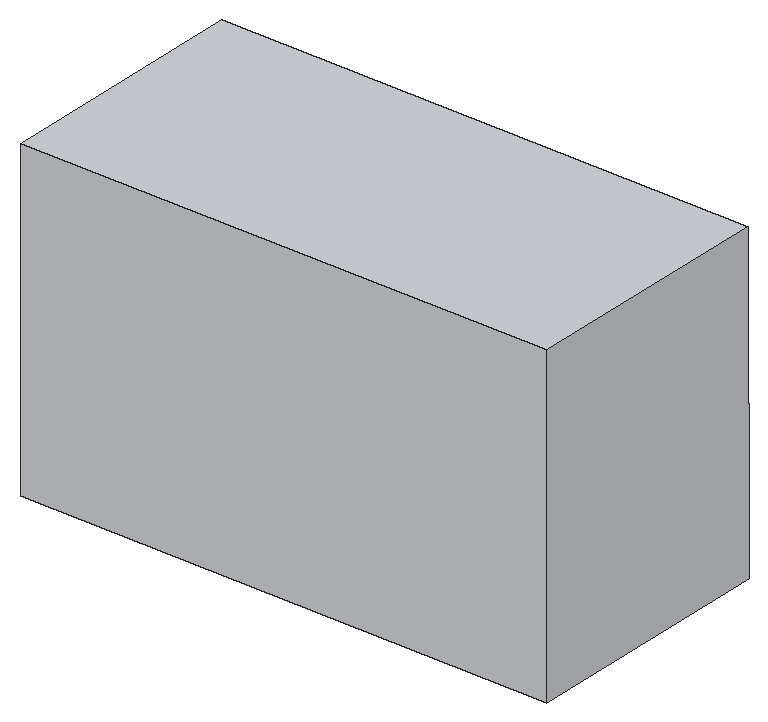
Revit family "ALG_Cutout_Wall", category Allgemeines Modell, Revit 2016
Family settings
  Teiletyp = Normal
  Kann Basisbauteil für Bewehrung sein = Nein
  Bemaßung runder Anschluss = Durchmesser verwenden
  Arbeitsebenenbasiert = Nein
  Immer vertikal = Ja
  Beim Laden mit Abzugskörper schneiden = Nein
  Gemeinsam genutzt = Nein
  Raumberechnungspunkt = Nein
Parameters (values of type "WD")
  WD_Durchbruch_Rund_Volumen [instance] = pi() * (WD_Durchbruch_RD ^ 2) * ALG_Durchbruch_Tiefe  # 0.0471239 m³
  WD_Durchbruch_Rund_Fläche [instance] = pi() * (WD_Durchbruch_RD ^ 2)  # 0.19635 m²
  WD_Durchbruch_Rechteck_Volumen [instance] = ALG_Durchbruch_Breite * ALG_Durchbruch_Höhe * ALG_Durchbruch_Tiefe  # 0.036 m³
  WD_Durchbruch_Rechteck_Fläche [instance] = ALG_Durchbruch_Breite * ALG_Durchbruch_Höhe  # 0.15 m²
  WD_Durchbruch_RD [instance] = ALG_Durchbruch_Breite / 2  # 250 mm
  WDR = no
  WD = yes
  ALG_Durchbruch_Versatz_manuell [instance] = 0 mm
  ALG_Durchbruch_UK_ab_Decke [instance] = ALG_Durchbruch_OKKVersatz + ALG_Durchbruch_Breite / 2  # 1750 mm
  ALG_Durchbruch_Tiefe [instance] = 240 mm
  ALG_Durchbruch_OK_ab_Decke [instance] = ALG_Durchbruch_OKKVersatz - ALG_Durchbruch_Breite / 2  # 1250 mm
  ALG_Durchbruch_OKKVersatz [instance] = 1500 mm
  ALG_Durchbruch_Höhe [instance] = 300 mm
  ALG_Durchbruch_Gewerk [instance] = ""
  ALG_Durchbruch_Breite [instance] = 500 mm
Types (2, lengths in mm): name | WDR | WD
  WD | no | yes
  WDR | yes | no
Reference planes
  plane 1 "Mitte (Vorne/Hinten)": y = 0
  plane 2: z = 0
  plane 3 "Mitte (Links/Rechts)": x = 0
  plane 4 "Mitte_WD": z = -1500
Forms (mm)
  Extrusion 1, solid, visible <- "WD"
    sketch origin (0, 0, -1500) x (0, 1, 0) y (-1, 0, 0)
      loop
        line (-120, 250) -> (-120, -250) -> (120, -250) -> (120, 250) -> (-120, 250)
    from -150 to 150
  Extrusion 2, solid, visible <- "WDR"
    sketch origin (0, 0, 0) x (1, 0, 0) y (0, 0, 1)
      loop
        circle (0, -1500) r 250
    from -120 to 120
Lines and regions (mm)
  reference lines
    curve 1: line (0, 670.716, -1350) -> (0, -629.284, -1350)
    curve 2: line (0, 560.86, -1650) -> (0, -629.284, -1650)
    curve 3: line (-4.994, 120, 0) -> (-294.994, 120, 0)
    curve 4: line (-4.994, -120, 0) -> (400, -120, 0)
    curve 5: line (-250, 248.741, 0) -> (-250, -491.259, 0)
    curve 6: line (250, 248.741, 0) -> (250, -491.259, 0)
Dimensions and locks
  "ALG_Durchbruch_OKKVersatz": plane 4 "Mitte_WD" to plane 2
  equal spacing: curve 2, plane 4 "Mitte_WD", curve 1
  "ALG_Durchbruch_Höhe": curve 2 to curve 1
  equal spacing: curve 5, plane 3 "Mitte (Links/Rechts)", curve 6
  equal spacing: curve 4, plane 1 "Mitte (Vorne/Hinten)", curve 3
  "ALG_Durchbruch_Breite": curve 5 to curve 6
  "ALG_Durchbruch_Tiefe": curve 4 to curve 3
  "WD_Durchbruch_RD": radius of Extrusion 2 sketch curve
  aligned and locked: level to plane 2
  aligned and locked: Extrusion 1 to curve 4
  aligned and locked: curve 5 to Extrusion 1
  aligned and locked: Extrusion 1 to curve 3
  aligned and locked: Extrusion 1 to curve 6
  aligned and locked: Extrusion 1 to curve 1
  aligned and locked: curve 2 to Extrusion 1
  aligned and locked: Extrusion 2 sketch curve to plane 3 "Mitte (Links/Rechts)"
  aligned and locked: plane 4 "Mitte_WD" to Extrusion 2 sketch curve
  aligned and locked: Extrusion 2 to curve 3
  aligned and locked: Extrusion 2 to curve 4
  aligned and locked: plane 3 "Mitte (Links/Rechts)" to nested 1
  aligned and locked: plane 1 "Mitte (Vorne/Hinten)" to nested 1
Automatic sketch dimensions
  plane 1 "Mitte (Vorne/Hinten)" to Extrusion 1 sketch curve = 120 mm
  Extrusion 1 sketch curve to plane 1 "Mitte (Vorne/Hinten)" = 120 mm
  plane 3 "Mitte (Links/Rechts)" to Extrusion 1 sketch curve = 250 mm
  Extrusion 1 sketch curve to plane 3 "Mitte (Links/Rechts)" = 250 mm
  plane 1 "Mitte (Vorne/Hinten)" to curve 1 = 629.284 mm
  curve 2 to curve 1 = 0 mm
  curve 2 to plane 1 "Mitte (Vorne/Hinten)" = 560.86 mm
  curve 2 to curve 1 = 109.855 mm
  curve 3 to curve 5 = 44.994 mm
  curve 4 to plane 3 "Mitte (Links/Rechts)" = 4.994 mm
  curve 3 to plane 3 "Mitte (Links/Rechts)" = 4.994 mm
  curve 6 to curve 4 = 150 mm
  curve 5 to curve 4 = 371.259 mm
  curve 6 to curve 4 = 371.259 mm
  curve 6 to plane 1 "Mitte (Vorne/Hinten)" = 248.741 mm
  curve 3 to curve 5 = 128.741 mm
Nested families
  nested 1: "ALG_Cutout_WD_Symbol" at (0, 0, 0), Breite <- "ALG_Durchbruch_Breite", Tiefe <- "ALG_Durchbruch_Tiefe", visible <- "WD", type "Cutout_WD_Symbol"
    with Tiefe 240 mm, T1 80 mm, Breite 500 mm, B1 166.667 mm
Definition of nested family "ALG_Cutout_WD_Symbol"
  Parameters (values of type "ALG_Cutout_WD_Symbol")
    Tiefe [instance] = 200 mm
    B1 [instance] = Breite / 3  # 100 mm
    T1 [instance] = Tiefe / 3  # 66.667 mm
    Breite [instance] = 300 mm
  Types (2): name
    ALG_Cutout_WD_Symbol
    Cutout_WD_Symbol
  Reference planes
    plane 1 "Mitte (Vorne/Hinten)": y = 0
    plane 2: z = 0
    plane 3 "Mitte (Links/Rechts)": x = 0
  Lines and regions (mm)
    symbolic lines
      curve 1: line (-150, -100, 0) -> (150, -100, 0)
      curve 2: line (-150, 100, 0) -> (-150, -100, 0)
      curve 3: line (150, 100, 0) -> (-150, 100, 0)
      curve 4: line (150, -100, 0) -> (150, 100, 0)
    model lines
      curve 5: line (-150, 100, 0) -> (150, -100, 0)
      curve 6: line (-150, -100, 0) -> (150, 100, 0)
  Dimensions and locks
    equal spacing: curve 1, plane 1 "Mitte (Vorne/Hinten)", curve 3
    equal spacing: curve 2, plane 3 "Mitte (Links/Rechts)", curve 4
    "Breite": curve 2 to curve 4
    "Tiefe": curve 1 to curve 3
    aligned and locked: level to plane 2
